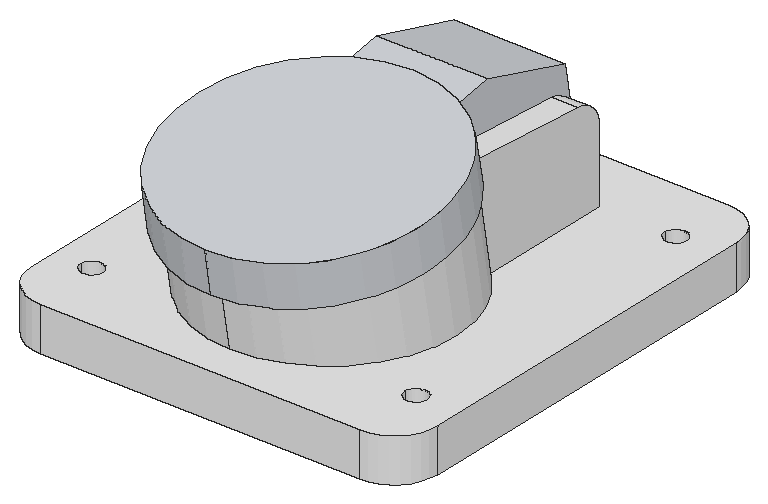
Revit family "Building-IEC309Connections-GEWISS-IEC309HP-10°_FLUSH-MOUNT_SOCKET_16A_IP44-54", category Apparecchi elettrici, host Superficie, Revit 2019
Family settings
  Host = Superficie
  Mantenere orientamento annotazione = Sì
  Quota connettore circolare = Usa diametro
  Tipo di parte = Normale
  Taglio con vuoti quando caricato = No
  Condiviso = Sì
  Punto di calcolo locali = Sì
Parameters (values of type "GW62817H - 10°FLUSH.S.O. HP IP44 2P+E 16A-250Vcc8H")
  simbolo acceso [instance] = yes
  distanza_simbolo [instance] = 1 mm
  distanza dal piano [instance] = 0 mm
  W = 115 mm  # constant formula
  Version file RFA = "21.11"
  URL = "https://www.gewiss.com/ww/en"
  Typology = "10° angled flush-mounting socket-outlet"
  Type of wiring = "With screw"
  Type of material = "Halogen-free in compliance with EN 60754-2"
  Total number of operations = "-5000"
  Thermo-pressure with ball = "125 °C (active parts) - 80 °C (passive parts)"
  Terminal tightening capacity = "1-2.5mm² flexible cables - 1.5-4mm² rigid cables"
  Technical sheet = "https://www.gewiss.com/ww/en/search?q=GW62817H"
  Spostamento_effettivo_S [instance] = 4000 mm - Spostamento_S  # 3037.5 mm
  Spostamento_S = 962.5 mm
  Sportello_visibile = yes
  Shock resistance = "IK09"
  SPinotto = Default(2)
  SEO = "Socket outlet"
  Reference h = "8"
  Realized by GEWISS S.p.A. = ""
  Rated voltage: = "-250 V"
  Rated current (A) = "16"
  Default Elevation = 1219.2 mm
  Produttore = "GEWISS S.p.A."
  Product in stock = ""
  Piastra = Default(2)
  Permissible overload = "22A"
  Operating temperature: = "-25 +55 °C"
  No. of poles = "2P+E"
  Model = "GW62817H"
  L = 155 mm  # constant formula
  Insulation resistance = "- 10 M?"
  Immagine tipo = (empty or 0)
  IP degree = "IP44/IP54"
  IDT = "449c9be6174e4ad8ab616abcf13f5df9"
  IDF = "b503f357-570e-44a3-9206-63122142c328"
  Glow wire test: = "850 °C (active parts) - 650 °C (passive parts)"
  Frequency = "d.c."
  Flange dimensions (mm) = "85x75"
  FORMULA = 1000 mm * 1  # 1000 mm
  Electrocod = "2211"
  Description = "10°FLUSH.S.O. HP IP44 2P+E 16A >250Vcc8H"
  Corpo centrale = Default(2)
  Colour: = "Grey"
  Catalogue = "BUILDING"
  COBie.Tagnumber = ""
  COBie.CreatedOn = ""
  COBie.CreatebBy = ""
  COBie.ComponentRegisterItemID = ""
  COBie.Component.TagNumber = ""
  COBie.Component.Space = ""
  COBie.Component.SerialNumber = ""
  COBie.Component.InstallationDate = ""
  COBie.Component.Description = ""
  COBie.Component.BarCode = ""
  Breaking capacity at 1.1 Un = "20A"
  BLOCCO = "B=C"
Types (28, lengths in mm): name | Technical sheet | Reference h | Rated voltage: | No. of poles | Model | IDT | Frequency | Electrocod | Description | Colour:
  GW62201H - 10°FLUSH.S.O.  HP IP44 2P+E 16A 110V 4H | "https://www.gewiss.com/ww/en/search?q=GW62201H" | "4" | "100 - 130 V" | "2P+E" | "GW62201H" | "522bb0cb411141a68ef245d5ba18e1e8" | "50/60 Hz" | "2210" | "10°FLUSH.S.O.  HP IP44 2P+E 16A 110V 4H" | "Yellow"
  GW62202H - 10°FLUSH.S.O.  HP IP44 3P+E 16A 110V 4H | "https://www.gewiss.com/ww/en/search?q=GW62202H" | "4" | "100 - 130 V" | "3P+E" | "GW62202H" | "cbd5b3aa4f9f4f9db47fdae11ad827ab" | "50/60 Hz" | "2210" | "10°FLUSH.S.O.  HP IP44 3P+E 16A 110V 4H" | "Yellow"
  GW62203H - 10°FLUSH.S.O.  HP IP44 3P+N+E 16A 110V4H | "https://www.gewiss.com/ww/en/search?q=GW62203H" | "4" | "100 - 130 V" | "3P+N+E" | "GW62203H" | "f08aecbf33af4d49914bcb00c71fcf7d" | "50/60 Hz" | "2210" | "10°FLUSH.S.O.  HP IP44 3P+N+E 16A 110V4H" | "Yellow"
  GW62205H - 10°FLUSH.S.O.  HP IP44 2P+E 16A 230V 6H | "https://www.gewiss.com/ww/en/search?q=GW62205H" | "6" | "200 - 250 V" | "2P+E" | "GW62205H" | "fed461e781f64cfa8453bcc8ef1abc60" | "50/60 Hz" | "2210" | "10°FLUSH.S.O.  HP IP44 2P+E 16A 230V 6H" | "Blue"
  GW62206H - 10°FLUSH.S.O.  HP IP44 3P+E 16A 230V 9H | "https://www.gewiss.com/ww/en/search?q=GW62206H" | "9" | "200 - 250 V" | "3P+E" | "GW62206H" | "c354a84f0b194c74b8054a5a98bea44b" | "50/60 Hz" | "2210" | "10°FLUSH.S.O.  HP IP44 3P+E 16A 230V 9H" | "Blue"
  GW62207H - 10°FLUSH.S.O.  HP IP44 3P+N+E 16A 230V9H | "https://www.gewiss.com/ww/en/search?q=GW62207H" | "9" | "200 - 250 V" | "3P+N+E" | "GW62207H" | "9162e7b46d564a5e8911e9751dbfbb7f" | "50/60 Hz" | "2210" | "10°FLUSH.S.O.  HP IP44 3P+N+E 16A 230V9H" | "Blue"
  GW62208H - 10°FLUSH.S.O.  HP IP44 2P+E 16A 400V 9H | "https://www.gewiss.com/ww/en/search?q=GW62208H" | "9" | "380 - 415 V" | "2P+E" | "GW62208H" | "618010588fe54a099c75c459623e97d9" | "50/60 Hz" | "2210" | "10°FLUSH.S.O.  HP IP44 2P+E 16A 400V 9H" | "Red"
  GW62209H - 10°FLUSH.S.O.  HP IP44 3P+E 16A 400V 6H | "https://www.gewiss.com/ww/en/search?q=GW62209H" | "6" | "380 - 415 V" | "3P+E" | "GW62209H" | "537fb0c1ab1e4e2b8bda9ea244a71e4e" | "50/60 Hz" | "2210" | "10°FLUSH.S.O.  HP IP44 3P+E 16A 400V 6H" | "Red"
  GW62210H - 10°FLUSH.S.O.  HP IP44 3P+N+E 16A 400V6H | "https://www.gewiss.com/ww/en/search?q=GW62210H" | "6" | "380 - 415 V" | "3P+N+E" | "GW62210H" | "f602b4d08b254745969e109e622f3307" | "50/60 Hz" | "2210" | "10°FLUSH.S.O.  HP IP44 3P+N+E 16A 400V6H" | "Red"
  GW62211H - 10°FLUSH.S.O.  HP IP44 3P+E 16A 500V 7H | "https://www.gewiss.com/ww/en/search?q=GW62211H" | "7" | "480 - 500 V" | "3P+E" | "GW62211H" | "3417a573669b4ccea5d25befb81667e8" | "50/60 Hz" | "2210" | "10°FLUSH.S.O.  HP IP44 3P+E 16A 500V 7H" | "Black"
  GW62212H - 10°FLUSH.S.O.  HP IP44 3P+N+E 16A 500V7H | "https://www.gewiss.com/ww/en/search?q=GW62212H" | "7" | "480 - 500 V" | "3P+N+E" | "GW62212H" | "b8098b485a3146d2adb2c1d1e69ba87c" | "50/60 Hz" | "2210" | "10°FLUSH.S.O.  HP IP44 3P+N+E 16A 500V7H" | "Black"
  GW62801H - 10°FLUSH.S.O.  HP IP44 2P+E 16A 500V 7H | "https://www.gewiss.com/ww/en/search?q=GW62801H" | "7" | "480 - 500 V" | "2P+E" | "GW62801H" | "1e525980b27949d4866e88fc992d7cad" | "50/60 Hz" | "2211" | "10°FLUSH.S.O.  HP IP44 2P+E 16A 500V 7H" | "Black"
  GW62802H - 10°FLUSH.S.O.  HP IP44 3P+E 16A 690V 5H | "https://www.gewiss.com/ww/en/search?q=GW62802H" | "5" | "600 - 690 V" | "3P+E" | "GW62802H" | "5381cd39c41c4d1285cc996da3538af1" | "50/60 Hz" | "2211" | "10°FLUSH.S.O.  HP IP44 3P+E 16A 690V 5H" | "Black"
  GW62803H - 10°FLUSH.S.O.  HP IP44 3P+N+E 16A 690V5H | "https://www.gewiss.com/ww/en/search?q=GW62803H" | "5" | "600 - 690 V" | "3P+N+E" | "GW62803H" | "60b6ecd826a8488ba21a83d217ef732c" | "50/60 Hz" | "2211" | "10°FLUSH.S.O.  HP IP44 3P+N+E 16A 690V5H" | "Black"
  GW62804H - 10°FLUSH.S.O.  HP IP44 2P+E 16A-50V 10H | "https://www.gewiss.com/ww/en/search?q=GW62804H" | "10" | "-50 V" | "2P+E" | "GW62804H" | "1cfe2a988e5a44c194ca3df296c0e3d2" | "100 - 300 Hz" | "2211" | "10°FLUSH.S.O.  HP IP44 2P+E 16A >50V 10H" | "Green"
  GW62805H - 10°FLUSH.S.O.  HP IP44 3P+E 16A-50V 10H | "https://www.gewiss.com/ww/en/search?q=GW62805H" | "10" | "-50 V" | "3P+E" | "GW62805H" | "96a2ef7a21824eb987fa8de3d02240f2" | "100 - 300 Hz" | "2211" | "10°FLUSH.S.O.  HP IP44 3P+E 16A >50V 10H" | "Green"
  GW62806H - 10°FLUSH.S.O. HP IP44 3P+N+E 16A-50V10H | "https://www.gewiss.com/ww/en/search?q=GW62806H" | "10" | "-50 V" | "3P+N+E" | "GW62806H" | "b967acf0fbcd4268b375ef0ab55871d7" | "100 - 300 Hz" | "2211" | "10°FLUSH.S.O. HP IP44 3P+N+E 16A >50V10H" | "Green"
  GW62807H - 10°FLUSH.S.O.  HP IP44 2P+E 16A-50V 2H | "https://www.gewiss.com/ww/en/search?q=GW62807H" | "2" | "-50 V" | "2P+E" | "GW62807H" | "b4293150483c4cfb8c3c9791b508000d" | "-300 - 500 Hz" | "2211" | "10°FLUSH.S.O.  HP IP44 2P+E 16A >50V 2H" | "Green"
  GW62808H - 10°FLUSH.S.O.  HP IP44 3P+E 16A-50V 2H | "https://www.gewiss.com/ww/en/search?q=GW62808H" | "2" | "-50 V" | "3P+E" | "GW62808H" | "774af41f0de74e6ca2b0c5cfb33fb662" | "-300 - 500 Hz" | "2211" | "10°FLUSH.S.O.  HP IP44 3P+E 16A >50V 2H" | "Green"
  GW62809H - 10°FLUSH.S.O.  HP IP44 3P+N+E 16A-50V2H | "https://www.gewiss.com/ww/en/search?q=GW62809H" | "2" | "-50 V" | "3P+N+E" | "GW62809H" | "4db4aa9441c643d888f05182126a56ab" | "-300 - 500 Hz" | "2211" | "10°FLUSH.S.O.  HP IP44 3P+N+E 16A >50V2H" | "Green"
  GW62810H - 10°FL.S.O.HP IP44 3P+E 16A 440÷460V 11H | "https://www.gewiss.com/ww/en/search?q=GW62810H" | "11" | "440 - 460 V" | "3P+E" | "GW62810H" | "bbba483e4b7a44a2bfde91ad2d28890e" | "60 Hz" | "2211" | "10°FL.S.O.HP IP44 3P+E 16A 440÷460V 11H" | "Red"
  GW62811H - 10°FL.S.O.HP IP44 3P+N+E 16A 440÷460V11H | "https://www.gewiss.com/ww/en/search?q=GW62811H" | "11" | "440 - 460 V" | "3P+N+E" | "GW62811H" | "013e84dd4e7e4da0bf96c8e78c399b43" | "60 Hz" | "2211" | "10°FL.S.O.HP IP44 3P+N+E 16A 440÷460V11H" | "Red"
  GW62812H - 10°FL.S.O. HP IP44 3P+E 16A 380/440V 3H | "https://www.gewiss.com/ww/en/search?q=GW62812H" | "3" | "380 - 440 V" | "3P+E" | "GW62812H" | "dc445870a3d145b68d9503ff29cb0347" | "50/60 Hz" | "2211" | "10°FL.S.O. HP IP44 3P+E 16A 380/440V 3H" | "Red"
  GW62813H - 10°FL.S.O. HP IP44 3P+N+E 16A 380/440V3H | "https://www.gewiss.com/ww/en/search?q=GW62813H" | "3" | "380 - 440 V" | "3P+N+E" | "GW62813H" | "363f8333e76d4e69aa2725f0ca1879f2" | "50/60 Hz" | "2211" | "10°FL.S.O. HP IP44 3P+N+E 16A 380/440V3H" | "Red"
  GW62814H - 10°FLUSH.S.O. HP IP44 2P+E 16A TRASF.12H | "https://www.gewiss.com/ww/en/search?q=GW62814H" | "12" | "transf." | "2P+E" | "GW62814H" | "b4658504dfa4408eae8291d6811099d5" | "50/60 Hz" | "2211" | "10°FLUSH.S.O. HP IP44 2P+E 16A TRASF.12H" | "Grey"
  GW62815H - 10°FLUSH.S.O. HP IP44 3P+E 16A TRASF.12H | "https://www.gewiss.com/ww/en/search?q=GW62815H" | "12" | "transf." | "3P+E" | "GW62815H" | "45b878129c2843198bc9f475ef54de60" | "50/60 Hz" | "2211" | "10°FLUSH.S.O. HP IP44 3P+E 16A TRASF.12H" | "Grey"
  GW62816H - 10°FL.S.O. HP IP44 2P+E 16A-50÷250Vcc3H | "https://www.gewiss.com/ww/en/search?q=GW62816H" | "3" | "-50 - 250 V" | "2P+E" | "GW62816H" | "9615f983d9d74483a732660c4bca6046" | "d.c." | "2211" | "10°FL.S.O. HP IP44 2P+E 16A >50÷250Vcc3H" | "Grey"
  GW62817H - 10°FLUSH.S.O. HP IP44 2P+E 16A-250Vcc8H | "https://www.gewiss.com/ww/en/search?q=GW62817H" | "8" | "-250 V" | "2P+E" | "GW62817H" | "449c9be6174e4ad8ab616abcf13f5df9" | "d.c." | "2211" | "10°FLUSH.S.O. HP IP44 2P+E 16A >250Vcc8H" | "Grey"
Reference planes
  plane 1 "Centro (Fronte/Retro)": y = 0
  plane 2: z = 0
  plane 3 "Centro (Sinistra/Destra)": x = 0
  plane 4: x = -3000
  plane 5: x = 37.5
  plane 6: z = 0
Dimensions and locks
  plane 4 to plane 3 "Centro (Sinistra/Destra)" = 3000 mm
  "Spostamento_effettivo_S": plane 4 to plane 5
  "distanza dal piano": plane 6 to plane 2
  aligned and locked: plane 2 to host face
  aligned and locked: level to host face
  aligned and locked: plane 3 "Centro (Sinistra/Destra)" to nested 1
  aligned and locked: plane 1 "Centro (Fronte/Retro)" to nested 1
  aligned and locked: nested 2 to plane 5
Automatic sketch dimensions
  host sketch curve to host sketch curve = 2438.4 mm  (x2)
Nested families
  nested 1: "IEC309 PRESE FISSE INCASSO 10' 16A IP44-54_BASE" at (0, 0, 0), type "IEC309 PRESE FISSE INCASSO 10' 16A IP44-54_BASE"
  nested 2: "GWGW62201FH - SIMBOLO_PRESA" at (37.5, 171.559, 0), visible <- "simbolo acceso", Distanza dal muro <- "distanza_simbolo", type "3P"
    with SIMBOLO ACCESO yes, Distanza dal muro 1 mm
Connectors
  electrical at (37.5, 30, 0)
    settings: on nested 1, index 1, voltage 0 V, apparent load 0 VA, apparent load phase1 0 VA, apparent load phase2 0 VA, apparent load phase3 0 VA, power factor 1, load classification "Altro", number of poles 1, system type 31, power factor state 1, is connector primary yes, connector utility no, sub classification motor no, connector description ""
Definition of nested family "IEC309 PRESE FISSE INCASSO 10' 16A IP44-54_BASE"
  Parameters (values of type "IEC309 PRESE FISSE INCASSO 10' 16A IP44-54_BASE")
    sp_ghiera = 16 mm
    r3_int = r2 - 3 mm  # 17 mm
    r2 = R1 - 3 mm  # 20 mm
    h = 85 mm  # constant formula
    dis_base = 71 mm
    Sportello = yes
    Spinotto = none
    R1 = 23 mm
    PIASTRA = none
    Lunghezza totale = 140 mm
    CENTRALE = none
    Bsae = 75 mm  # constant formula
  Reference planes
    plane 1 "Centro (Fronte/Retro)": y = 0
    plane 2: z = 0
    plane 3 "Centro (Sinistra/Destra)": x = 0
    plane 4: x = 75
    plane 5: x = 7
    plane 6: y = 13
    plane 7: x = 67
    plane 8: y = 73
    plane 9: y = 85
    plane 10: y = 36.5
    plane 11: x = 37.5
    plane 12: z = 8.057
    plane 13: y = 29
    plane 14: z = 23.239
    plane 15: through (37.5, 29, 1200) normal (-0.766, -0.6428, 0)
    plane 16: through (37.5, 29, 1200) normal (-0.766, 0.6428, 0)
  Forms (mm)
    Extrusion 1, solid, material <- "PIASTRA"
      sketch origin (0, 0, 0) x (1, 0, 0) y (0, 1, 0)
        loop
          arc (8, 85) -> (2.343, 82.657) -> (0, 77) r 8
          line (0, 77) -> (0, 8)
          arc (0, 8) -> (2.343, 2.343) -> (8, 0) r 8
          line (8, 0) -> (67, 0)
          arc (67, 0) -> (72.657, 2.343) -> (75, 8) r 8
          line (75, 8) -> (75, 77)
          arc (75, 77) -> (72.657, 82.657) -> (67, 85) r 8
          line (67, 85) -> (8, 85)
      from 0 to 8.057
    Sweep 2, solid, material <- "PIASTRA"
      path origin (0, 0, 0) x (0, 1, 0) y (0, 0, 1)
        loop
          line (28.063, 23.618) -> (31.416, 5.179)
      profile origin (0, 29.74, 14.398) x (0, 0.983865, 0.17891) y (1, 0, 0)
        loop
          circle (-0.621, 37.5) r 23
        loop
          circle (-0.621, 37.5) r 20
    Extrusion 3, solid, material <- "PIASTRA"
      sketch origin (0, 0, 0) x (1, 0, 0) y (0, 1, 0)
        loop
          spline (47.772, 47.955) -> (48.225, 47.704) -> (48.672, 47.442) -> (49.113, 47.17) -> (49.548, 46.889) -> (49.976, 46.598) -> (50.398, 46.297) -> (50.812, 45.988) -> (51.219, 45.669) -> (51.619, 45.341) -> (52.011, 45.004) -> (52.395, 44.659) -> (52.772, 44.305)
          line (52.772, 44.305) -> (52.772, 73) -> (47.772, 73) -> (47.772, 47.955)
      from 8.057 to 31.758
    Extrusion 4, void
      sketch origin (0, 0, 0) x (0, 1, 0) y (0, 0, 1)
        loop
          line (73, 31.758) -> (44.305, 31.758) -> (44.305, 28.134) -> (68.064, 26.588)
          arc (68.064, 26.588) -> (71.251, 25.281) -> (73, 22.313) r 5.4
          line (73, 22.313) -> (73, 31.758)
      from 47.772 to 52.772
    Extrusion 5, solid, material <- "PIASTRA"
      sketch origin (75, 0, 0) x (-1, 0, 0) y (0, -1, 0)
        loop
          line (47.772, -48.02) -> (47.772, -73) -> (52.772, -73) -> (52.772, -43.697)
          spline (52.772, -43.697) -> (52.406, -44.109) -> (52.03, -44.514) -> (51.645, -44.909) -> (51.249, -45.294) -> (50.845, -45.671) -> (50.431, -46.037) -> (50.009, -46.394) -> (49.577, -46.74) -> (49.138, -47.076) -> (48.69, -47.402) -> (48.235, -47.716) -> (47.772, -48.02)
      from 8.057 to 28.109
    Extrusion 6, void
      sketch origin (75, 0, 0) x (0, 1, 0) y (0, 0, -1)
        loop
          line (73, -31.758) -> (73, -19.567)
          arc (73, -19.567) -> (71.497, -23.176) -> (67.952, -24.825) r 5.4
          line (67.952, -24.825) -> (38, -26.775) -> (38, -31.758) -> (73, -31.758)
      from 39.92 to 54.884
    Sweep 7, void
      path origin (0, 0.625, 0) x (0, 1, 0) y (0, 0, 1)
        loop
          line (18.381, 21.548) -> (20.759, 8.057)
      profile origin (0, 20.195, 14.803) x (0, 0.984809, 0.173644) y (1, 0, 0)
        loop
          circle (-1.772, 37.608) r 5
        loop
          circle (10.516, 29.004) r 5
        loop
          circle (10.516, 45.996) r 5
    Sweep 8, solid, visible <- "Sportello"
      path origin (0, -2.172, -0.205) x (0, 0.999986, 0.005351) y (0, -0.005351, 0.999986)
        loop
          line (29.897, 31.961) -> (31.331, 23.832)
      profile origin (0, 28.292, 27.855) x (0, 0.983865, 0.17891) y (1, 0, 0)
        loop
          circle (-2.622, 37.5) r 24.4
    Extrusion 9, solid, visible <- "Sportello"
      sketch origin (0, 0, -1.562) x (0, 1, 0) y (0, 0, 1)
        loop
          line (46.739, 26.216) -> (68.431, 24.804)
          arc (68.431, 24.804) -> (71.22, 23.59) -> (73.002, 21.123) r 5.761
          arc (73.002, 21.123) -> (73.116, 22.165) -> (73.026, 23.208) r 5.4
          line (73.026, 23.208) -> (71.359, 32.236) -> (53.64, 37.49) -> (45.019, 35.97) -> (46.739, 26.216)
      from 27.228 to 47.772
    Extrusion 10, void
      sketch origin (0, 0, 0) x (1, 0, 0) y (0, 1, 0)
        loop
          circle (7, 73) r 2.072
        loop
          circle (67, 73) r 2.072
        loop
          circle (7, 13) r 2.072
        loop
          circle (67, 13) r 2.072
      from 0 to 8.057
  Cuts and joins
    Sweep 7, Extrusion 10 cuts Extrusion 1
    Sweep 7, Extrusion 10 cuts Sweep 2
    joined: Extrusion 1, Sweep 2
    Extrusion 4, Extrusion 6 cuts Extrusion 3
    Extrusion 6 cuts Extrusion 5
    joined: Sweep 8, Extrusion 9
  Dimensions and locks
    "Bsae": plane 3 "Centro (Sinistra/Destra)" to plane 4
    locked: plane 7 to plane 4 at 8
    "h": plane 1 "Centro (Fronte/Retro)" to plane 9
    equal spacing: plane 1 "Centro (Fronte/Retro)", plane 10, plane 8
    equal spacing: plane 3 "Centro (Sinistra/Destra)", plane 11, plane 4
    locked: plane 5 to plane 7 at 60
    locked: plane 8 to plane 6 at 60
    locked: plane 12 to level at 8.057
    plane 1 "Centro (Fronte/Retro)" to plane 13 = 29 mm
    plane 14 to plane 12 = 15.181 mm
    radius of Extrusion 1 sketch curve = 8 mm  (x4)
    "R1": radius of Sweep 2 sketch curve
    "r2": radius of Sweep 2 sketch curve
    aligned and locked: level to plane 2
    aligned and locked: plane 9 to Extrusion 1
    aligned and locked: Extrusion 1 to plane 3 "Centro (Sinistra/Destra)"
    aligned and locked: plane 1 "Centro (Fronte/Retro)" to Extrusion 1
    aligned and locked: Extrusion 1 to plane 4
    aligned and locked: plane 12 to Extrusion 1
    aligned and locked: Extrusion 3 to plane 12
    aligned and locked: Extrusion 4 sketch curve to Extrusion 3  (x2)
    aligned and locked: Extrusion 4 sketch curve to plane 8
    aligned and locked: Extrusion 4 to Extrusion 3  (x2)
    aligned and locked: plane 5 to Extrusion 10 sketch curve  (x2)
    aligned and locked: plane 8 to Extrusion 10 sketch curve  (x2)
    aligned and locked: plane 7 to Extrusion 10 sketch curve  (x2)
    aligned and locked: plane 6 to Extrusion 10 sketch curve  (x2)
    aligned and locked: Extrusion 1 to Extrusion 10
  Automatic sketch dimensions
    Extrusion 1 sketch curve to plane 3 "Centro (Sinistra/Destra)" = 0 mm
    Extrusion 1 sketch curve to plane 7 = 0 mm
    plane 1 "Centro (Fronte/Retro)" to Extrusion 1 sketch curve = 0 mm
    Extrusion 1 sketch curve to plane 9 = 0 mm
    Extrusion 3 sketch curve to plane 8 = 0 mm
    plane 11 to Extrusion 3 sketch curve = 10.272 mm
    Extrusion 3 sketch curve to Extrusion 3 sketch curve = 5 mm
    plane 10 to Extrusion 3 sketch curve = 11.455 mm
    Extrusion 3 sketch curve to Extrusion 3 sketch curve = 3.65 mm
    Extrusion 3 sketch curve to plane 11 = 0.8 mm
    Extrusion 3 sketch curve to plane 13 = 0.898 mm
    Extrusion 5 sketch curve to plane 8 = 0 mm
    plane 11 to Extrusion 5 sketch curve = 10.272 mm
    Extrusion 5 sketch curve to Extrusion 5 sketch curve = 5 mm
    Extrusion 5 sketch curve to plane 10 = 11.52 mm
    Extrusion 5 sketch curve to Extrusion 5 sketch curve = 4.323 mm
    Extrusion 5 sketch curve to plane 13 = 0.016 mm
    Extrusion 5 sketch curve to plane 11 = 2.244 mm
    Extrusion 6 sketch curve to plane 8 = 0 mm
    Extrusion 6 sketch curve to plane 8 = 5.048 mm
    Extrusion 6 sketch curve to plane 14 = 3.802 mm
    Extrusion 6 sketch curve to plane 8 = 5.398 mm
    plane 10 to Extrusion 6 sketch curve = 1.5 mm
    Extrusion 6 sketch curve to plane 14 = 3.672 mm
    plane 14 to Extrusion 6 sketch curve = 3.536 mm
    Extrusion 6 sketch curve to Extrusion 6 sketch curve = 6.933 mm
    Extrusion 4 sketch curve to plane 14 = 2.04 mm
    Extrusion 4 sketch curve to plane 8 = 5.284 mm
    Extrusion 4 sketch curve to plane 8 = 4.936 mm
    Extrusion 4 sketch curve to plane 14 = 0.925 mm
    Extrusion 4 sketch curve to Extrusion 4 sketch curve = 3.624 mm
    Sweep 7 sketch curve to plane 12 = 0 mm
    Sweep 7 sketch curve to plane 14 = 1.691 mm
    plane 6 to Sweep 7 sketch curve = 6.006 mm
    plane 6 to Sweep 7 sketch curve = 8.384 mm
    profile plane to Sweep 7 sketch curve = 1.772 mm
    Sweep 7 sketch curve to profile plane = 10.516 mm  (x2)
    plane 3 "Centro (Sinistra/Destra)" to Sweep 7 sketch curve = 29.004 mm
    Sweep 7 sketch curve to Sweep 7 sketch curve = 8.604 mm
    Sweep 7 sketch curve to Sweep 7 sketch curve = 8.388 mm
    Sweep 8 sketch curve to plane 13 = 1.446 mm
    plane 14 to Sweep 8 sketch curve = 8.677 mm
    Sweep 8 sketch curve to Sweep 8 sketch curve = 1.433 mm
    Sweep 8 sketch curve to Sweep 8 sketch curve = 8.129 mm
    profile plane to Sweep 8 sketch curve = 2.622 mm
    plane 3 "Centro (Sinistra/Destra)" to Sweep 8 sketch curve = 37.5 mm
    Extrusion 9 sketch curve to Extrusion 9 sketch curve = 1.72 mm
    Extrusion 9 sketch curve to Extrusion 9 sketch curve = 8.621 mm
    Extrusion 9 sketch curve to Extrusion 9 sketch curve = 0.109 mm
    Extrusion 9 sketch curve to plane 8 = 1.641 mm
    Extrusion 9 sketch curve to plane 14 = 2.574 mm
    Extrusion 9 sketch curve to Extrusion 9 sketch curve = 3.125 mm
    plane 14 to Extrusion 9 sketch curve = 7.435 mm
    plane 14 to Extrusion 9 sketch curve = 1.415 mm
    Extrusion 9 sketch curve to Extrusion 9 sketch curve = 0.715 mm
    plane 14 to Extrusion 9 sketch curve = 0.003 mm
    plane 8 to Extrusion 9 sketch curve = 0.002 mm
    plane 8 to Extrusion 9 sketch curve = 0.026 mm
    Extrusion 9 sketch curve to plane 14 = 1.593 mm
    plane 10 to Extrusion 9 sketch curve = 17.14 mm
    Extrusion 9 sketch curve to Extrusion 9 sketch curve = 9.754 mm
    plane 14 to Sweep 2 sketch curve = 0.379 mm
    Sweep 2 sketch curve to plane 13 = 0.937 mm
    plane 13 to Sweep 2 sketch curve = 2.416 mm
    Sweep 2 sketch curve to plane 12 = 2.879 mm
    Sweep 2 sketch curve to Sweep 2 sketch curve = 0 mm  (x2)
    profile plane to Sweep 2 sketch curve = 0.621 mm
    plane 3 "Centro (Sinistra/Destra)" to Sweep 2 sketch curve = 37.5 mm
    radius of Sweep 7 sketch curve = 5 mm  (x3)
    radius of Extrusion 10 sketch curve = 2.072 mm  (x4)
    radius of Sweep 8 sketch curve = 24.4 mm
Definition of nested family "GWGW62201FH - SIMBOLO_PRESA"
  Parameters (values of type "3P")
    SIMBOLO ACCESO [instance] = yes
    Distanza dal muro [instance] = 0 mm
  Reference planes
    plane 1: y = 0
    plane 2: x = 0
  Dimensions and locks
    "Distanza dal muro": plane 1 to nested 1
    aligned and locked: plane 2 to nested 1
  Nested families
    nested 1: "GWGW62201FH - SIMBOLO" at (0, 0, 0), visible <- "SIMBOLO ACCESO", type "3P"
  Definition of nested family "GWGW62201FH - SIMBOLO"
    Parameters (values of type "3P")
      CORNICE SIMBOLO [instance] = yes
      3P = yes
    Reference planes
      plane 1: y = 0
      plane 2: x = 0
    Lines and regions (mm)
      detail lines
        curve 1: circle (-0.314, 0.674, 0) r 0.057 normal (0, 0, 1)
        curve 2: arc (0.346, -0.009, 0) -> (0, 0.337, 0) -> (-0.346, -0.009, 0) r 0.346
        curve 3: line (0, 0.337, 0) -> (0.346, 0.337, 0)
        curve 4: line (0, 3.386, 0) -> (0, 0.337, 0)
        curve 5: line (0, 0.337, 0) -> (-0.314, 0.674, 0)
